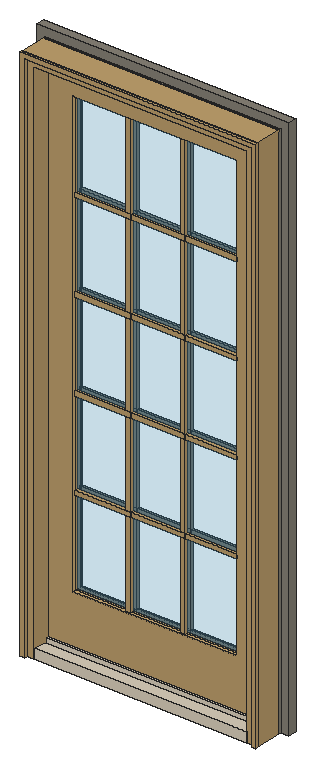
Revit family (continued)
Definition of nested family "Door_Plan_Detail"
  Definition of nested family "Panel_Swing_Detail"
    Dimensions and locks (in)
      "Panel Width": plane 4 to plane 3
      "Panel Width": curve 1 to curve 3
      "Swing Angle": angle nested 1 to plane 2
      "Swing Constraint": angle curve 1 to plane 2
      aligned and locked: plane 2 to curve 1
      aligned and locked: plane 3 to curve 1
      aligned and locked: plane 3 to curve 2
      aligned and locked: plane 2 to curve 2
      aligned and locked: curve 3 to curve 1
    Automatic sketch dimensions
      curve 3 to plane 2 = 0' - 0"
    Nested families (in)
      nested 1: "Panel_Detail" at (-19.125, 0.09375, 0) x (0, -1, 0) z (0, 0, 1), Mtg Stile <- "Mtg Stile", type "Panel_Detail", in view "Ref. Level"
    Definition of nested family "Panel_Detail"
      Parameters (values of type "Panel_Detail")
        Panel Width = 2' - 11 1/16"
        Mtg Stile [instance] = yes
        Assembly Code = ""
      Reference planes (in)
        plane 1 "Center (Front/Back)": y = 0
        plane 2: z = 0
        plane 3 "Right": x = 0
        plane 4 "Left": x = -35.0625
      Lines and regions (in)
        Masking region 1, in view "Ref. Level", detail levels coarse+medium
          outline origin (0, 0, 0) x (1, 0, 0) y (0, 1, 0)
            loop
              line (-35.0625, 0) -> (-35.0625, -1.75) -> (0, -1.75) -> (0, 0) -> (-35.0625, 0)
        detail lines, style "Cut Lines", in view "Ref. Level", detail levels fine
          curve 1: line (-30.97475, -0.48141, 0) -> (-4.08775, -0.48141, 0)
          curve 2: line (-30.97475, -0.60641, 0) -> (-4.08775, -0.60641, 0)
          curve 3: line (-30.97475, -1.10641, 0) -> (-4.08775, -1.10641, 0)
          curve 4: line (-30.97475, -1.23141, 0) -> (-4.08775, -1.23141, 0)
      Dimensions and locks (in)
        "Panel Width": plane 4 "Left" to plane 3 "Right"
        locked: Masking region 1 sketch curve to plane 1 "Center (Front/Back)" at 1.75
        locked: nested 3 to plane 1 "Center (Front/Back)" at 1.75
        aligned and locked: nested 2 to plane 1 "Center (Front/Back)"
        aligned and locked: plane 1 "Center (Front/Back)" to nested 1
        aligned and locked: nested 2 to plane 4 "Left"
        aligned and locked: plane 3 "Right" to nested 1
        aligned and locked: curve 3 to nested 2
        aligned and locked: curve 1 to nested 1
        aligned and locked: curve 2 to curve 1  (x2)
        aligned and locked: curve 2 to nested 2
        aligned and locked: curve 3 to curve 1  (x2)
        aligned and locked: curve 4 to curve 1  (x2)
        aligned and locked: plane 1 "Center (Front/Back)" to Masking region 1 sketch curve
        aligned and locked: Masking region 1 sketch curve to plane 4 "Left"
        aligned and locked: Masking region 1 sketch curve to plane 3 "Right"
        aligned and locked: plane 4 "Left" to nested 3
      Automatic sketch dimensions
        curve 2 to curve 1 = 0' - 0"
        curve 3 to curve 2 = 0' - 0 1/2"
        curve 4 to curve 3 = 0' - 0 1/8"
        curve 2 to curve 1 = 0' - 0 1/8"
      Nested families (in)
        nested 1: "Stile_Detail" at (0, 0, 0), type "Stile_Detail", in view "Ref. Level", detail levels fine
        nested 2: "Stile_Detail" at (-35.0625, 0, 0) x (-1, 0, 0) z (0, 0, 1), type "Stile_Detail", in view "Ref. Level", detail levels fine
        nested 3: "Mtg_Stile_Detail" at (-35.0625, -1.75, 0), visible <- "Mtg Stile", type "Stile_Detail", in view "Ref. Level", detail levels fine
      Definition of nested family "Stile_Detail"
        Parameters (values of type "Stile_Detail")
          Assembly Code = ""
        Reference planes (in)
          plane 1 "Center (Front/Back)": y = 0
          plane 2: z = 0
          plane 3 "Center (Left/Right)": x = 0
        Lines and regions (in)
          Masking region 1, in view "Ref. Level"
            outline origin (0, 0, 0) x (1, 0, 0) y (0, 1, 0)
              loop
                line (0, -1.75) -> (0, 0) -> (-4.54196, 0) -> (-4.54196, -0.17227) -> (-4.75, -0.38031) -> (-4.75, -0.4375) -> (-4.02516, -0.4375) -> (-4.02516, -1.26261) -> (-4.75, -1.26261) -> (-4.75, -1.40858) -> (-4.55291, -1.75) -> (0, -1.75)
          detail lines, style "Cut Lines", in view "Ref. Level"
            curve 1: line (-4.08775, -0.48141, 0) -> (-4.08775, -0.60641, 0)
            curve 2: line (-4.21275, -1.10641, 0) -> (-4.21275, -0.60641, 0)
            curve 3: line (-4.46275, -1.10641, 0) -> (-4.46275, -0.60641, 0)
            curve 4: line (-4.08775, -1.10641, 0) -> (-4.08775, -1.23141, 0)
      Definition of nested family "Mtg_Stile_Detail"
        Parameters (values of type "Stile_Detail")
          Assembly Code = ""
        Reference planes (in)
          plane 1 "Center (Front/Back)": y = 0
          plane 2: z = 0
          plane 3 "Center (Left/Right)": x = 0
        Lines and regions (in)
          Masking region 1, in view "Ref. Level"
            outline origin (0, 0, 0) x (0, 1, 0) y (-1, 0, 0)
              loop
                line (0, 0.71385) -> (0, -1.07915) -> (0.9773, -0.97643) -> (1.15549, -0.73983) -> (1.594, -0.62233) -> (1.594, 0.25704) -> (1.13979, 0.37874) -> (0.9637, 0.61256) -> (0, 0.71385)
Definition of nested family "Label Annotation 1-16 w5"
  Parameters
    Label = ""
    Egress Info = "EGRESS WDW"
    Description = "3664 FIXED"
  Reference planes (in)
    plane 1: y = 0
    plane 2: x = 0
  Text (in)
    label "Description" at (0.00375, -0.00345, 0), shows "Description"
